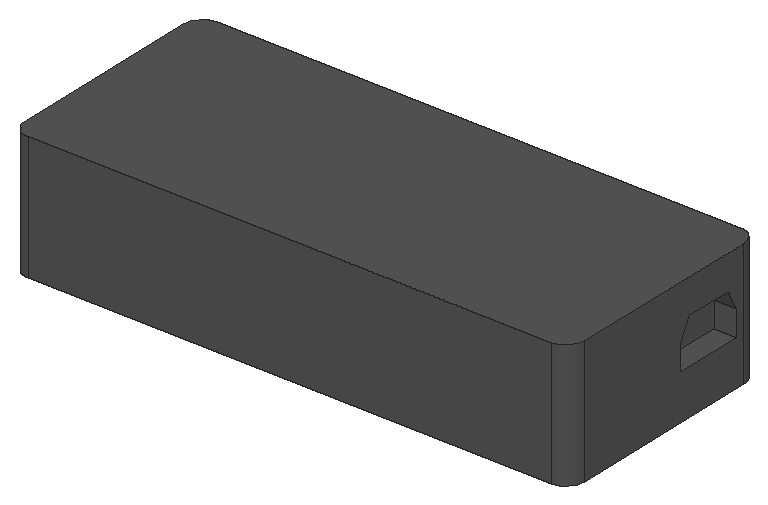
Revit family "Electrical_Equipment_Crown_ Power-Supply", category Electrical Equipment, host Face, Revit 2020
Family settings
  Host = Face
  Panel Configuration = Two Columns, Circuits Across
  Round Connector Dimension = Use Diameter
  Part Type = Panelboard
  OmniClass Number = 23.80.30.11
  OmniClass Title = Power Supply Devices
  Cut with Voids When Loaded = No
  Shared = No
  Room Calculation Point = No
Parameters (values of type "Crowd Mics™")
  Voltage = ""
  Version = 1
  URL = "https://www.biamp.com/"
  Product data url = "https://bimobject.com/biamp/product/crowd-mics_event-audience-engagement"
  Product Page URL = "https://www.biamp.com/products/product-families/crowd-mics"
  Product Documentation Link = "https://downloads.biamp.com/assets/docs/default-source/data-sheets/biamp_data_sheet_crowd_mics.pdf"
  Power Factor = 1
  Number of Poles = 1
  Model = "Crowd Mics™"  # constant formula
  Max Power Consumption = 18 W
  Manufacturer = "Biamp"  # constant formula
  Input Voltage = 120 V
  Housing Material = Biamp - Plastic - Black
  Frequency = 50 Hz
  Description = "Crowd Mics™ Audience Engagement Solution"  # constant formula
  Default Elevation = 48"
  Date Updated = ""
  Date Created = "2023/10/18"
  Connector Description = "Input 120V"  # constant formula
  Apparent Load = Max Power Consumption / Power Factor  # 18 VA
Reference planes (in)
  plane 1 "Center (Front/Back)": y = 0
  plane 2: z = 0
  plane 3 "Center (Left/Right)": x = 0
Forms (in)
  Extrusion 1, solid, material "Biamp - Plastic - Black" <- "Housing Material", detail levels coarse
    sketch origin (0, 0, 0) x (1, 0, 0) y (0, 1, 0)
      loop
        line (-3.05118, 1.27953) -> (-3.05118, -1.27953) -> (3.05118, -1.27953) -> (3.05118, 1.27953) -> (-3.05118, 1.27953)
    from 0 to 1.37795
  Extrusion 2, solid, material "Biamp - Plastic - Black" <- "Housing Material", detail levels medium+fine
    sketch origin (0, 0, 0) x (1, 0, 0) y (0, 1, 0)
      loop
        arc (-2.85433, 1.27953) -> (-2.99352, 1.22187) -> (-3.05118, 1.08268) r 0.19685
        line (-3.05118, 1.08268) -> (-3.05118, -1.08268)
        arc (-3.05118, -1.08268) -> (-2.99352, -1.22187) -> (-2.85433, -1.27953) r 0.19685
        line (-2.85433, -1.27953) -> (2.85433, -1.27953)
        arc (2.85433, -1.27953) -> (2.99352, -1.22187) -> (3.05118, -1.08268) r 0.19685
        line (3.05118, -1.08268) -> (3.05118, 1.08268)
        arc (3.05118, 1.08268) -> (2.99352, 1.22187) -> (2.85433, 1.27953) r 0.19685
        line (2.85433, 1.27953) -> (-2.85433, 1.27953)
    from 0 to 1.37795
  Extrusion 3, void
    sketch origin (3.05118, 1.1565, 0) x (0, -1, 0) y (0, 0, -1)
      loop
        line (0.94383, -0.49226) -> (0.15643, -0.49226) -> (0.15643, -0.77405) -> (0.28722, -1.00057) -> (0.81305, -1.00057) -> (0.94383, -0.77405) -> (0.94383, -0.49226)
    from -0.25373 to 0
  Extrusion 4, void
    sketch origin (-3.05118, -1.27953, 0) x (0, 1, 0) y (0, 0, -1)
      loop
        circle (0.49213, -0.68898) r 0.11259
    from -0.16741 to 0
Cuts and joins
  Extrusion 3, Extrusion 4 cuts Extrusion 2
  Extrusion 3, Extrusion 4 cuts Extrusion 1
Lines and regions (in)
  Masking region 1
    outline origin (0, 0, 0) x (1, 0, 0) y (0, 1, 0)
      loop
        line (-3.05118, 1.27953) -> (-3.05118, -1.27953) -> (3.05118, -1.27953) -> (3.05118, 1.27953) -> (-3.05118, 1.27953)
  Masking region 2
    outline origin (0, 0, 0) x (1, 0, 0) y (0, 0, 1)
      loop
        line (-3.05118, 1.37795) -> (-3.05118, 0) -> (3.05118, 0) -> (3.05118, 1.37795) -> (-3.05118, 1.37795)
Dimensions and locks (in)
  aligned and locked: plane 2 to host face
  aligned and locked: level to host face
Connectors (in)
  electrical at (2.79745, 0.60636, 0.75563), driven by "Number of Poles", driven by "Apparent Load", driven by "Power Factor", driven by "Connector Description", driven by "Input Voltage"
    settings: on cut or joined group of Extrusion 2, Extrusion 3, Extrusion 4, index 1, voltage 120 V, apparent load 18 VA, apparent load phase1 0 VA, apparent load phase2 0 VA, apparent load phase3 0 VA, power factor 1, load classification "Other", number of poles 1, system type 30, power factor state 1, is connector primary yes, connector utility no, sub classification motor no, connector description "Input 120V"
  electrical at (-2.88377, -0.7874, 0.68898), driven by "Number of Poles", driven by "Apparent Load", driven by "Power Factor"
    settings: on cut or joined group of Extrusion 2, Extrusion 3, Extrusion 4, index 2, voltage 12 V, apparent load 18 VA, apparent load phase1 0 VA, apparent load phase2 0 VA, apparent load phase3 0 VA, power factor 1, load classification "Other", number of poles 1, system type 30, power factor state 1, is connector primary no, connector utility no, sub classification motor no, connector description "Output 12V"
